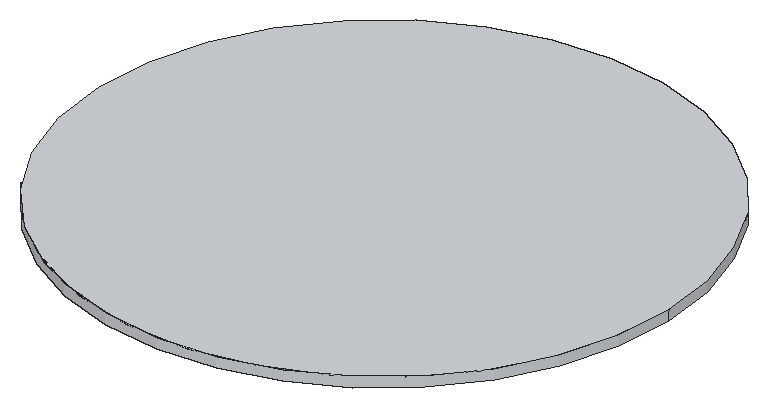
Revit family "CITY", category Lighting Fixtures, host Face, Revit 2023 (continued)
Types (10, lengths in mm): name | Radio | Photometric Web File | built-in parameter 1150142 | Manufacturer | LuxLight_Watios | LuxLight_Temperatura | LuxLight_Lumenes
    93 0.251993 0.251993 0.269992 0.280792 0.291592 0.302391 0.313191 0.331191 0.34199 0.36359 0.37079 0.392389 0.403189 0.421188 0.442787 0.431988 0.471587 0.464387 0.493186 0.514785\r\n 0.521985 0.543585 0.554384 0.572384 0.583184 0.593983 0.622782 0.633582 0.655182 0.662381 0.673181 0.69478 0.71278 0.72358 0.745179 0.755979 0.773978 0.795578 0.806377 0.813577 0.835176 0.845976 0.856776 0.863976 0.885575 0.896375\r\n 0.914374 0.925174 0.935974 0.946773 0.964773 0.975573 0.986372 0.997172 1.015171 1.015171 1.036771 1.04757 1.04757 1.025971 1.025971 1.036771 1.025971 1.036771 1.04757 1.04757 1.05477 1.06557 1.06557 1.07637 1.07637 1.087169 1.087169\r\n 1.087169 1.087169 1.097969 1.105169 1.105169 1.105169 1.105169 1.105169 1.115294\r\n138.304047 138.311691 138.27211 138.131714 137.969711 137.768112 137.48732 137.177734 136.763733 136.36055 135.899765 135.334579 134.812607 134.229416 133.484238 132.800262 131.954269 131.223511 130.377518 129.441559 128.527191 127.580406\r\n 126.464439 125.449257 124.232498 123.105728 121.896164 120.600197 119.383438 118.055077 116.55751 115.218353 113.630798 112.180031 110.63208 108.950928 107.341774 105.73262 103.831871 102.132721 100.152779 98.342033 96.408882 94.338936\r\n 92.326599 90.173859 88.060722 86.008774 83.625641 81.400902 79.129372 76.584244 74.319901 71.735176 69.424042 66.968918 64.362587 61.849857 59.29393 56.586807 54.084873 51.215755 48.580631 46.046303 43.108784 40.416058 37.820534 34.861416\r\n 32.237091 29.209576 26.534853 23.708933 20.749815 17.945494 15.26717 12.232454 9.485733 6.649013 4.013887 2.271536 1.681153 1.288764 0.986372 0.673181 0.482386 0.320391 0.219594 0.161995 0.140396 0.140396 0.140396 0.140396 0.161995\r\n 0.151196 0.172795 0.190795 0.190795 0.212394 0.230393 0.241193 0.251993 0.269992 0.280792 0.291592 0.302391 0.320391 0.331191 0.34199 0.36359 0.37079 0.381589 0.403189 0.413988 0.431988 0.442787 0.464387 0.471587 0.493186 0.503986\r\n 0.521985 0.532785 0.554384 0.561584 0.583184 0.593983 0.611983 0.644382 0.633582 0.655182 0.673181 0.683981 0.69478 0.71278 0.72358 0.745179 0.763178 0.773978 0.795578 0.806377 0.824377 0.835176 0.856776 0.874775 0.874775 0.885575\r\n 0.903575 0.914374 0.935974 0.946773 0.953973 0.975573 0.975573 0.986372 1.004372 1.004372 1.015171 1.004372 0.997172 0.997172 1.004372 1.015171 1.025971 1.036771 1.036771 1.04757 1.04757 1.05477 1.06557 1.07637 1.07637 1.087169 1.097969\r\n 1.097969 1.097969 1.105169 1.105169 1.105169 1.115969 1.126768 1.115969 1.115294\r\n138.304047 138.473694 138.362091 138.261307 138.102905 137.868912 137.598923 137.285721 136.893341 136.482956 136.01857 135.467789 134.884598 134.308609 133.585037 132.940643 132.087479 131.313492 130.496323 129.56395 128.678375 127.702797\r\n 126.576027 125.550056 124.390892 123.21373 122.108559 120.722595 119.502228 118.13427 116.665512 115.319153 113.760399 112.291634 110.754478 109.094925 107.464172 105.83342 103.972267 102.283913 100.311172 98.511223 96.650078 94.508141\r\n 92.585793 90.343048 88.251511 86.188766 83.805634 81.5737 79.291367 76.875832 74.5215 72.059174 69.654442 67.332497 64.625374 62.11985 59.686317 56.889198 54.405266 51.557747 49.034218 46.39909 43.472374 40.898449 38.202126 35.365406\r\n 32.629482 29.77116 27.017239 24.281315 21.354597 18.658274 15.850352 12.844438 10.32091 7.653384 5.281051 3.139112 1.879147 1.439959 1.06557 0.773978 0.543585 0.36359 0.241193 0.172795 0.140396 0.129596 0.122397 0.140396 0.151196\r\n 0.161995 0.161995 0.172795 0.179995 0.190795 0.219594 0.230393 0.241193 0.262793 0.269992 0.280792 0.291592 0.302391 0.320391 0.331191 0.34199 0.37079 0.37079 0.392389 0.421188 0.421188 0.431988 0.453587 0.453587 0.493186 0.503986\r\n 0.521985 0.532785 0.554384 0.561584 0.583184 0.604783 0.604783 0.622782 0.644382 0.655182 0.673181 0.69478 0.70558 0.72358 0.734379 0.734379 0.784778 0.784778 0.795578 0.813577 0.835176 0.824377 0.856776 0.863976 0.885575 0.896375\r\n 0.903575 0.874775 0.885575 0.896375 0.914374 0.914374 0.935974 0.946773 0.953973 0.964773 0.975573 0.986372 1.015171 1.015171 1.015171 1.025971 1.036771 1.036771 1.04757 1.05477 1.06557 1.07637 1.07637 1.087169 1.087169 1.097969 1.097969\r\n 1.105169 1.105169 1.115969 1.115969 1.105169 1.115969 1.115969 1.105169 1.115294\r\n138.304047 138.524094 138.473694 138.383698 138.22171 137.980515 137.699722 137.379318 136.976135 136.551361 136.079773 135.546982 134.985397 134.431015 133.736237 133.023453 132.227875 131.403488 130.597122 129.632339 128.717972 127.771202\r\n 126.676826 125.568062 124.441292 123.274918 122.108559 120.812599 119.513031 118.267464 116.766304 115.319153 113.799988 112.291634 110.822868 109.073326 107.453369 105.83342 104.055061 102.283913 100.383171 98.50042 96.660873 94.540535\r\n 92.538994 90.386253 88.384705 86.249969 83.877632 81.652893 79.381363 76.976631 74.744698 72.138367 69.71563 67.282097 64.445381 61.799458 59.232731 56.388809 53.609688 50.564175 47.767052 45.059929 42.104412 39.296494 36.553371 33.727451\r\n 31.059925 28.3132 25.728476 23.294945 20.638218 18.114689 15.659558 13.006433 10.702498 8.157371 5.713039 3.358705 1.900746 1.439959 1.087169 0.806377 0.572384 0.403189 0.280792 0.201594 0.161995 0.151196 0.140396 0.129596 0.161995\r\n 0.161995 0.161995 0.161995 0.179995 0.190795 0.201594 0.219594 0.241193 0.251993 0.251993 0.269992 0.280792 0.302391 0.313191 0.320391 0.34199 0.35279 0.37079 0.381589 0.403189 0.413988 0.431988 0.442787 0.471587 0.471587 0.503986\r\n 0.514785 0.532785 0.554384 0.561584 0.583184 0.593983 0.611983 0.633582 0.644382 0.655182 0.662381 0.683981 0.70558 0.71278 0.734379 0.745179 0.763178 0.784778 0.795578 0.806377 0.835176 0.835176 0.856776 0.863976 0.874775 0.896375\r\n 0.903575 0.914374 0.935974 0.953973 0.964773 0.975573 0.986372 0.997172 1.004372 1.004372 1.004372 1.015171 1.004372 1.004372 1.015171 1.015171 1.025971 1.036771 1.04757 1.05477 1.05477 1.06557 1.07637 1.07637 1.087169 1.087169 1.097969\r\n 1.097969 1.105169 1.105169 1.105169 1.115969 1.115969 1.115969 1.115969 1.115294\r\n138.304047 138.71489 138.675293 138.56369 138.423294 138.261307 137.991302 137.678131 137.285721 136.936539 136.482956 135.939377 135.406586 134.834198 134.179016 133.473434 132.699463 131.907471 131.129913 130.175919 129.319153 128.38678\r\n 127.288811 126.284439 125.074875 123.969704 122.842934 121.503777 120.269012 119.001846 117.500687 116.175926 114.58477 113.155609 111.737251 110.048897 108.418144 106.841385 105.009041 103.299088 101.427139 99.57679 97.787643 95.60611\r\n 93.712563 91.783012 89.518677 87.398338 85.123199 82.941658 80.569328 78.002602 75.507874 72.811546 70.158424 67.573692 64.614578 61.961452 59.29393 56.226814 53.530491 50.452576 47.745453 44.901535 41.913616 39.026501 36.290577 33.252262\r\n 30.365143 27.330429 24.392912 21.556192 18.114689 15.076375 12.844438 10.720498 8.762153 6.789409 5.079457 3.491902 2.023143 1.447159 1.137568 0.856776 0.662381 0.493186 0.36359 0.269992 0.212394 0.179995 0.172795 0.172795 0.179995\r\n 0.190795 0.190795 0.201594 0.172795 0.179995 0.190795 0.201594 0.212394 0.230393 0.241193 0.262793 0.269992 0.291592 0.302391 0.313191 0.331191 0.34199 0.36359 0.37079 0.392389 0.403189 0.421188 0.431988 0.464387 0.482386 0.482386\r\n 0.514785 0.521985 0.543585 0.561584 0.572384 0.593983 0.611983 0.622782 0.644382 0.655182 0.673181 0.683981 0.70558 0.71278 0.734379 0.745179 0.763178 0.773978 0.795578 0.813577 0.824377 0.835176 0.856776 0.863976 0.885575 0.896375\r\n 0.903575 0.925174 0.946773 0.953973 0.964773 0.975573 0.997172 0.997172 1.025971 1.015171 1.025971 1.036771 1.04757 1.05477 1.07637 1.07637 1.087169 1.097969 1.097969 1.105169 1.097969 1.06557 1.05477 1.07637 1.07637 1.087169 1.097969\r\n 1.097969 1.097969 1.105169 1.105169 1.105169 1.105169 1.126768 1.115969 1.115294\r\n138.304047 138.182114 138.142502 138.052505 137.879715 137.670929 137.379318 137.09494 136.742142 136.331757 135.899765 135.356186 134.812607 134.240219 133.534637 132.901047 132.065872 131.331497 130.557526 129.603546 128.678375 127.760399\r\n 126.644432 125.629257 124.51329 123.38652 122.270554 120.920593 119.653427 118.397057 116.928307 115.610741 114.041191 112.644424 111.136063 109.494507 107.957359 106.297798 104.555458 102.805901 100.937553 99.094406 97.305252 95.202911\r\n 93.25177 91.329422 89.057892 87.067146 84.712814 82.578072 80.418137 77.772209 75.36747 72.501953 69.967621 67.271301 64.412987 61.677059 59.052738 56.01442 53.339699 50.283382 47.587059 44.750336 41.791222 38.936501 36.17178 33.151466\r\n 30.235548 27.179234 24.241716 21.322199 18.186687 15.58036 13.208028 10.914892 9.053744 7.009003 5.342249 3.812293 2.11314 1.42916 1.115969 0.835176 0.633582 0.471587 0.34199 0.262793 0.201594 0.172795 0.172795 0.172795 0.179995 0.179995\r\n 0.161995 0.172795 0.179995 0.179995 0.190795 0.201594 0.219594 0.230393 0.251993 0.262793 0.269992 0.291592 0.302391 0.313191 0.331191 0.35279 0.36359 0.381589 0.403189 0.413988 0.431988 0.453587 0.453587 0.482386 0.503986 0.514785\r\n 0.532785 0.554384 0.561584 0.572384 0.593983 0.604783 0.622782 0.633582 0.655182 0.673181 0.683981 0.69478 0.71278 0.734379 0.745179 0.763178 0.773978 0.795578 0.806377 0.813577 0.835176 0.845976 0.863976 0.874775 0.896375 0.903575\r\n 0.914374 0.925174 0.953973 0.953973 0.975573 0.986372 1.004372 1.004372 1.015171 1.025971 1.05477 1.06557 1.05477 1.06557 1.07637 1.087169 1.087169 1.097969 1.115969 1.105169 1.105169 1.07637 1.07637 1.07637 1.07637 1.087169 1.097969\r\n 1.097969 1.097969 1.105169 1.105169 1.105169 1.105169 1.105169 1.115294\r\n138.304047 138.052505 138.002106 137.868912 137.688919 137.476517 137.206528 136.914932 136.493759 136.108566 135.676575 135.11499 134.582199 134.00621 133.253845 132.620255 131.824677 131.050705 130.226318 129.351547 128.393982 127.461609\r\n 126.352837 125.359268 124.189301 123.084129 121.896164 120.589394 119.343834 118.08387 116.625916 115.290352 113.720795 112.302437 110.85527 109.152527 107.626167 105.995407 104.235062 102.485512 100.624359 98.792015 97.013664 94.922119\r\n 92.970978 91.027039 88.795097 86.804352 84.471619 82.398079 80.176941 77.790207 75.518669 73.09594 70.720009 68.448471 65.921341 63.426609 61.014679 58.177959 55.643631 52.734913 50.139385 47.396263 44.527145 41.892017 39.138096 36.268978\r\n 33.554653 30.779133 28.144007 25.667276 22.841354 20.379026 17.873497 14.957579 12.362052 9.514532 6.901005 4.575471 2.303935 1.637954 1.267164 0.935974 0.683981 0.464387 0.313191 0.212394 0.161995 0.129596 0.129596 0.129596 0.140396\r\n 0.151196 0.151196 0.179995 0.172795 0.179995 0.190795 0.212394 0.212394 0.230393 0.251993 0.262793 0.269992 0.280792 0.302391 0.320391 0.331191 0.36359 0.37079 0.381589 0.392389 0.421188 0.453587 0.471587 0.503986 0.503986 0.514785\r\n 0.532785 0.543585 0.561584 0.572384 0.583184 0.604783 0.611983 0.633582 0.655182 0.673181 0.683981 0.69478 0.71278 0.72358 0.734379 0.755979 0.773978 0.784778 0.806377 0.813577 0.835176 0.845976 0.863976 0.863976 0.885575 0.903575\r\n 0.914374 0.935974 0.935974 0.953973 0.964773 0.975573 0.986372 1.004372 1.015171 1.025971 1.036771 1.036771 1.036771 1.06557 1.06557 1.07637 1.07637 1.087169 1.097969 1.097969 1.097969 1.06557 1.05477 1.06557 1.06557 1.07637 1.07637\r\n 1.087169 1.097969 1.097969 1.105169 1.105169 1.105169 1.115969 1.115969 1.115294\r\n138.304047 138.059708 138.012909 137.86171 137.678131 137.458527 137.14534 136.835739 136.450562 136.01857 135.546982 134.985397 134.441818 133.837036 133.113449 132.418655 131.633896 130.8815 130.046341 129.121155 128.213989 127.267212\r\n 126.172844 125.164871 123.948105 122.842934 121.726967 120.380608 119.102646 117.85347 116.373917 115.049156 113.540794 112.061241 110.560081 108.943726 107.341774 105.754219 103.90387 102.244316 100.393967 98.550819 96.761665 94.608932\r\n 92.729782 90.728241 88.582703 86.480362 84.259224 82.156883 79.935753 77.57061 75.295479 72.872749 70.507607 68.19648 65.539757 63.185417 60.712288 58.055565 55.622032 52.824913 50.222183 47.727455 44.980732 42.316807 39.75008 36.934959\r\n 34.227837 31.391115 28.698391 26.102863 23.104147 20.458223 17.7043 14.806382 12.149657 9.143743 6.569815 3.823092 2.163539 1.681153 1.267164 0.935974 0.673181 0.453587 0.313191 0.212394 0.151196 0.140396 0.140396 0.140396 0.140396\r\n 0.161995 0.161995 0.172795 0.179995 0.190795 0.201594 0.212394 0.230393 0.251993 0.262793 0.280792 0.291592 0.302391 0.302391 0.313191 0.331191 0.35279 0.381589 0.403189 0.431988 0.453587 0.471587 0.493186 0.503986 0.521985 0.532785\r\n 0.543585 0.561584 0.572384 0.593983 0.604783 0.611983 0.644382 0.655182 0.662381 0.673181 0.683981 0.70558 0.72358 0.734379 0.745179 0.763178 0.773978 0.784778 0.806377 0.813577 0.835176 0.845976 0.856776 0.874775 0.885575 0.896375\r\n 0.914374 0.935974 0.946773 0.953973 0.964773 0.975573 0.986372 0.997172 1.004372 1.015171 1.025971 1.036771 1.05477 1.05477 1.05477 1.036771 1.025971 1.025971 1.036771 1.036771 1.04757 1.05477 1.06557 1.07637 1.07637 1.087169 1.087169\r\n 1.097969 1.097969 1.097969 1.105169 1.115969 1.105169 1.105169 1.105169 1.115294\r\n138.304047 138.17131 138.102905 137.930115 137.739304 137.48732 137.156143 136.824936 136.432556 135.978973 135.525391 134.9422 134.409409 133.808228 133.073853 132.379059 131.554688 130.798706 129.963531 129.02037 128.084381 127.137611\r\n 126.000046 124.956078 123.789711 122.673744 121.514572 120.179016 118.901054 117.633881 116.154327 114.825966 113.288803 111.820045 110.362083 108.65213 107.111382 105.473427 103.623077 101.970726 100.08078 98.241234 96.480873 94.389336\r\n 92.394997 90.465454 88.240715 86.239166 83.906433 81.793297 79.690956 77.189026 74.935486 72.480354 70.108025 67.822083 65.147362 62.785831 60.3811 57.605576 55.172043 52.46492 49.847797 47.234268 44.437149 41.762421 39.188496 36.369774\r\n 33.655449 30.807932 28.093609 25.51968 22.639761 19.87504 17.059919 14.082804 11.357679 8.319366 5.853435 3.610698 2.091541 1.587555 1.227565 0.885575 0.622782 0.421188 0.291592 0.201594 0.161995 0.140396 0.140396 0.140396 0.151196\r\n 0.151196 0.161995 0.172795 0.179995 0.190795 0.201594 0.212394 0.230393 0.230393 0.241193 0.262793 0.262793 0.291592 0.302391 0.313191 0.320391 0.34199 0.35279 0.37079 0.392389 0.403189 0.421188 0.442787 0.471587 0.471587 0.482386\r\n 0.503986 0.514785 0.532785 0.554384 0.561584 0.561584 0.583184 0.604783 0.611983 0.633582 0.644382 0.662381 0.673181 0.69478 0.70558 0.71278 0.734379 0.745179 0.763178 0.784778 0.795578 0.813577 0.824377 0.835176 0.845976 0.863976\r\n 0.874775 0.885575 0.896375 0.914374 0.935974 0.946773 0.946773 0.946773 0.953973 0.953973 0.975573 0.997172 0.986372 1.004372 1.004372 1.015171 1.025971 1.036771 1.036771 1.05477 1.05477 1.07637 1.06557 1.07637 1.07637 1.087169 1.087169\r\n 1.097969 1.105169 1.105169 1.126768 1.105169 1.105169 1.105169 1.115969 1.115294\r\n" | "" | 5 W | 3000 K | 360 lm
